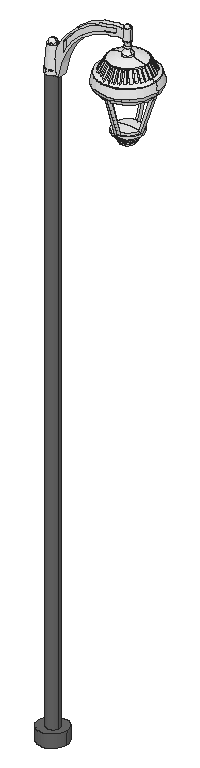
Revit family (continued)
Automatic sketch dimensions
  Revolve 8 sketch curve to plane 43 = 0.92217"
  Revolve 8 sketch curve to level = 24"
  Revolve 8 sketch curve to plane 49 "Mount to Arm" = 23.45125"
  Revolve 9 sketch curve to plane 25 = 0"
  Revolve 9 sketch curve to plane 30 = 0"
  Revolve 9 sketch curve to plane 24 = 0"
  Revolve 9 sketch curve to plane 28 "Back" = 0"
  Revolve 9 sketch curve to plane 26 = 0"
  Revolve 9 sketch curve to plane 31 = 0"
  Revolve 9 sketch curve to plane 3 "Light Source Axis (L/R)" = 0"
  Revolve 9 sketch curve to plane 43 = 0.91409"
  Revolve 9 sketch curve to level = 24"
  Revolve 9 sketch curve to plane 49 "Mount to Arm" = 23.45125"
  Revolve 10 sketch curve to plane 44 = 0"
  Revolve 10 sketch curve to plane 3 "Light Source Axis (L/R)" = 0"
  Revolve 10 sketch curve to plane 27 = 0"
  Revolve 10 sketch curve to plane 48 "Top" = 0"
  Revolve 10 sketch curve to Revolve 10 sketch curve = 0"
  Revolve 11 sketch curve to plane 11 = 0"
  Revolve 11 sketch curve to plane 15 = 0"
  Revolve 11 sketch curve to plane 8 = 0"
  Revolve 11 sketch curve to plane 46 = 0"
  Revolve 11 sketch curve to plane 3 "Light Source Axis (L/R)" = 0"  (x2)
  Revolve 11 sketch curve to plane 5 "Bottom" = 4 3/4"
  plane 26 to Revolve 11 sketch curve = 0.42333"
  Revolve 12 sketch curve to plane 40 = 0"
  Revolve 12 sketch curve to plane 43 = 0"
  Revolve 12 sketch curve to plane 41 = 0"
  Revolve 12 sketch curve to plane 44 = 0"
  Revolve 12 sketch curve to plane 3 "Light Source Axis (L/R)" = 0"
  plane 48 "Top" to Revolve 12 sketch curve = 0.48657"
  plane 26 to Revolve 12 sketch curve = 0.42333"
  Revolve 12 sketch curve to plane 5 "Bottom" = 4 3/4"
  Blend 13 sketch curve to plane 19 = 0"  (x2)
  Blend 13 sketch curve to plane 20 = 0"  (x2)
  Blend 13 sketch curve to plane 22 = 0"  (x2)
  Blend 13 sketch curve to plane 21 = 0"  (x2)
  plane 22 to Blend 13 sketch curve = 0.76738"  (x2)
  Blend 13 sketch curve to Blend 13 sketch curve = 0.05215"  (x8)
  plane 10 to Blend 13 sketch curve = 0.24703"  (x2)
  plane 10 to Blend 13 sketch curve = 0.19487"  (x2)
  plane 9 to Blend 13 sketch curve = 0.08913"  (x2)
  Blend 13 sketch curve to plane 9 = 0.01317"  (x2)
  Blend 13 sketch curve to plane 46 = 0.30878"  (x2)
  Blend 13 sketch curve to Blend 13 sketch curve = 0.1023"  (x6)
  Blend 13 sketch curve to plane 17 = 0.26882"  (x2)
  Blend 13 sketch curve to Blend 13 sketch curve = 0.14852"  (x3)
  Blend 13 sketch curve to plane 15 = 0.11243"  (x2)
  Blend 13 sketch curve to plane 15 = 0.26094"  (x2)
  Blend 13 sketch curve to plane 44 = 0.54151"  (x2)
  Blend 13 sketch curve to Blend 13 sketch curve = 0.18903"  (x7)
  Blend 13 sketch curve to plane 44 = 0.01118"  (x2)
  plane 44 to Blend 13 sketch curve = 0.17785"  (x2)
  plane 39 to Blend 13 sketch curve = 0.11243"
  plane 44 to Blend 13 sketch curve = 0.478"  (x2)
  Blend 13 sketch curve to plane 38 = 0.11243"
  Blend 13 sketch curve to plane 38 = 0.26094"  (x2)
  Blend 13 sketch curve to Blend 13 sketch curve = 0.22227"  (x6)
  plane 39 to Blend 13 sketch curve = 0.26094"  (x2)
  Blend 13 sketch curve to plane 36 = 0.26882"  (x2)
  Blend 13 sketch curve to Blend 13 sketch curve = 0.41668"  (x2)
  plane 37 to Blend 13 sketch curve = 0.26882"  (x2)
  plane 36 to Blend 13 sketch curve = 0.41122"  (x2)
  Blend 13 sketch curve to Blend 13 sketch curve = 0.36349"  (x7)
  Blend 13 sketch curve to plane 37 = 0.41122"  (x2)
  Blend 13 sketch curve to Blend 13 sketch curve = 0.24697"  (x11)
  Blend 13 sketch curve to Blend 13 sketch curve = 0.28701"  (x3)
  Blend 13 sketch curve to Blend 13 sketch curve = 0.22384"  (x7)
  Blend 13 sketch curve to Blend 13 sketch curve = 0.14632"  (x8)
  Blend 13 sketch curve to Blend 13 sketch curve = 0.07558"  (x4)
  Blend 13 sketch curve to Blend 13 sketch curve = 0.00908"  (x4)
  Blend 13 sketch curve to Blend 13 sketch curve = 0.26219"  (x8)
  Blend 13 sketch curve to Blend 13 sketch curve = 0.26732"  (x4)
  plane 21 to Blend 13 sketch curve = 0.76738"  (x2)
  Blend 13 sketch curve to plane 12 = 0.24703"  (x2)
  Blend 13 sketch curve to plane 12 = 0.19487"  (x2)
  Blend 13 sketch curve to plane 13 = 0.08913"  (x2)
  plane 13 to Blend 13 sketch curve = 0.01317"  (x2)
  plane 47 to Blend 13 sketch curve = 0.30878"  (x2)
  plane 18 to Blend 13 sketch curve = 0.26882"
  plane 18 to Blend 13 sketch curve = 0.27702"
  Blend 13 sketch curve to Blend 13 sketch curve = 0.14032"
  plane 16 to Blend 13 sketch curve = 0.11243"  (x2)
  plane 16 to Blend 13 sketch curve = 0.26094"  (x2)
  plane 45 to Blend 13 sketch curve = 0.54151"
  plane 45 to Blend 13 sketch curve = 0.53107"
  Blend 13 sketch curve to Blend 13 sketch curve = 0.17859"
  plane 45 to Blend 13 sketch curve = 0.01118"  (x2)
  Blend 13 sketch curve to plane 45 = 0.17785"  (x2)
  plane 39 to Blend 13 sketch curve = 0.11069"
  Blend 13 sketch curve to plane 45 = 0.4754"
  Blend 13 sketch curve to plane 38 = 0.12063"
  Blend 13 sketch curve to plane 45 = 0.49027"
  Blend 13 sketch curve to Blend 13 sketch curve = 0.21"
  Blend 13 sketch curve to Blend 13 sketch curve = 0.22488"
  Blend 13 sketch curve to Blend 13 sketch curve = 0.41928"
  Blend 13 sketch curve to Blend 13 sketch curve = 0.40441"
  Blend 13 sketch curve to Blend 13 sketch curve = 0.29449"
  Blend 13 sketch curve to Blend 13 sketch curve = 0.21636"
  Blend 13 sketch curve to Blend 13 sketch curve = 0.2395"
  plane 39 to Blend 13 sketch curve = 0.70849"  (x2)
  Blend 13 sketch curve to Blend 13 sketch curve = 0.48918"  (x3)
  Blend 13 sketch curve to Blend 13 sketch curve = 0.78804"  (x2)
  Blend 13 sketch curve to plane 19 = 0.76738"  (x2)
  Blend 13 sketch curve to Blend 13 sketch curve = 0.69291"  (x2)
  Blend 13 sketch curve to plane 38 = 0.70849"  (x2)
  Blend 13 sketch curve to Blend 13 sketch curve = 0.47874"
  Blend 13 sketch curve to Blend 13 sketch curve = 0.35122"
  Blend 13 sketch curve to plane 44 = 0"
  Blend 13 sketch curve to plane 45 = 0"
  Blend 13 sketch curve to plane 44 = 0.05796"  (x2)
  Blend 13 sketch curve to plane 44 = 0.16301"  (x2)
  Blend 13 sketch curve to plane 44 = 0.18542"
  Blend 13 sketch curve to plane 44 = 0.19194"
  Blend 13 sketch curve to Blend 13 sketch curve = 0.18825"  (x4)
  Blend 13 sketch curve to plane 44 = 0.33465"  (x2)
  Blend 13 sketch curve to Blend 13 sketch curve = 0.17733"  (x11)
  Blend 13 sketch curve to Blend 13 sketch curve = 0.20608"  (x2)
  Blend 13 sketch curve to plane 15 = 0.43054"  (x2)
  Blend 13 sketch curve to Blend 13 sketch curve = 0.15959"  (x4)
  Blend 13 sketch curve to plane 15 = 0.13136"  (x2)
  plane 15 to Blend 13 sketch curve = 0.02823"  (x2)
  plane 15 to Blend 13 sketch curve = 0.24374"  (x2)
  plane 37 to Blend 13 sketch curve = 0.01975"  (x2)
  Blend 13 sketch curve to Blend 13 sketch curve = 0.13572"  (x4)
  Blend 13 sketch curve to plane 36 = 0.01975"  (x2)
  Blend 13 sketch curve to plane 17 = 0.15547"  (x2)
  Blend 13 sketch curve to plane 17 = 0.01975"  (x2)
  plane 39 to Blend 13 sketch curve = 0.13136"  (x2)
  plane 17 to Blend 13 sketch curve = 0.30159"  (x2)
  Blend 13 sketch curve to plane 38 = 0.13136"  (x2)
  plane 38 to Blend 13 sketch curve = 0.02823"  (x2)
  Blend 13 sketch curve to Blend 13 sketch curve = 0.10664"  (x7)
  Blend 13 sketch curve to plane 39 = 0.02823"  (x2)
  plane 46 to Blend 13 sketch curve = 0.02935"  (x2)
  plane 46 to Blend 13 sketch curve = 0.13598"  (x2)
  plane 9 to Blend 13 sketch curve = 0.25581"  (x2)
  Blend 13 sketch curve to Blend 13 sketch curve = 0.07345"  (x10)
  plane 10 to Blend 13 sketch curve = 0.17333"  (x2)
  Blend 13 sketch curve to Blend 13 sketch curve = 0.56582"  (x4)
  Blend 13 sketch curve to Blend 13 sketch curve = 0.03745"  (x12)
  plane 22 to Blend 13 sketch curve = 0.48269"  (x2)
  Blend 13 sketch curve to plane 22 = 0.10575"  (x2)
  Blend 13 sketch curve to plane 21 = 0.10575"  (x2)
  plane 21 to Blend 13 sketch curve = 0.44524"  (x2)
  Blend 13 sketch curve to Blend 13 sketch curve = 0.52816"  (x2)
  Blend 13 sketch curve to plane 12 = 0.24678"  (x2)
  Blend 13 sketch curve to plane 12 = 0.17333"  (x2)
  plane 12 to Blend 13 sketch curve = 0.25074"  (x2)
  Blend 13 sketch curve to plane 47 = 0.13598"
  Blend 13 sketch curve to plane 47 = 0.1301"
  Blend 13 sketch curve to plane 47 = 0.02935"  (x2)
  plane 47 to Blend 13 sketch curve = 0.31177"  (x2)
  plane 18 to Blend 13 sketch curve = 0.01975"
  plane 18 to Blend 13 sketch curve = 0.02724"
  plane 18 to Blend 13 sketch curve = 0.15547"  (x2)
  Blend 13 sketch curve to plane 16 = 0.37947"  (x2)
  Blend 13 sketch curve to plane 36 = 0.15547"  (x2)
  plane 37 to Blend 13 sketch curve = 0.15547"
  Blend 13 sketch curve to plane 16 = 0.0301"
  Blend 13 sketch curve to plane 16 = 0.01942"
  plane 16 to Blend 13 sketch curve = 0.13136"  (x2)
  plane 16 to Blend 13 sketch curve = 0.27095"  (x2)
  plane 16 to Blend 13 sketch curve = 0.53194"  (x2)
  plane 45 to Blend 13 sketch curve = 0.51198"
  plane 45 to Blend 13 sketch curve = 0.50662"
  plane 45 to Blend 13 sketch curve = 0.35127"  (x2)
  Blend 13 sketch curve to Blend 13 sketch curve = 0.17196"
  plane 45 to Blend 13 sketch curve = 0.24621"  (x2)
  Blend 13 sketch curve to Blend 13 sketch curve = 0.19194"  (x3)
  Blend 13 sketch curve to Blend 13 sketch curve = 0.18542"
  plane 45 to Blend 13 sketch curve = 0.16301"  (x2)
  plane 45 to Blend 13 sketch curve = 0.05796"  (x2)
  plane 39 to Blend 13 sketch curve = 0.53194"  (x2)
  Blend 13 sketch curve to Blend 13 sketch curve = 0.16072"  (x4)
  Blend 13 sketch curve to Blend 13 sketch curve = 0.10506"  (x4)
  Blend 13 sketch curve to Blend 13 sketch curve = 0.05427"  (x2)
  Blend 13 sketch curve to Blend 13 sketch curve = 0.00652"  (x2)
  plane 37 to Blend 13 sketch curve = 0.53626"
  Blend 13 sketch curve to plane 37 = 0.30159"  (x2)
  Blend 13 sketch curve to Blend 13 sketch curve = 0.10789"
  Blend 13 sketch curve to Blend 13 sketch curve = 0.52146"  (x2)
  Blend 13 sketch curve to plane 20 = 0.10575"  (x2)
  plane 19 to Blend 13 sketch curve = 0.10575"  (x2)
  Blend 13 sketch curve to plane 19 = 0.44524"  (x2)
  Blend 13 sketch curve to Blend 13 sketch curve = 0.52982"  (x2)
  Blend 13 sketch curve to Blend 13 sketch curve = 125/256"  (x2)
  Blend 13 sketch curve to plane 38 = 0.53194"  (x2)
  Blend 14 sketch curve to plane 46 = 0.06407"
  Blend 14 sketch curve to plane 46 = 0.03319"  (x2)
  plane 46 to Blend 14 sketch curve = 0.02279"  (x2)
  plane 46 to Blend 14 sketch curve = 0.03474"
  plane 46 to Blend 14 sketch curve = 0.03821"
  plane 46 to Blend 14 sketch curve = 0.06713"  (x2)
  plane 46 to Blend 14 sketch curve = 0.11426"  (x2)
  Blend 14 sketch curve to Blend 14 sketch curve = 0.10032"  (x2)
  Blend 14 sketch curve to plane 9 = 0.08625"  (x2)
  Blend 14 sketch curve to plane 9 = 0.07093"  (x2)
  plane 9 to Blend 14 sketch curve = 0.02357"  (x2)
  plane 9 to Blend 14 sketch curve = 0.0776"  (x2)
  Blend 14 sketch curve to Blend 14 sketch curve = 0.08504"  (x8)
  plane 9 to Blend 14 sketch curve = 0.23703"  (x2)
  Blend 14 sketch curve to plane 10 = 0.14308"  (x2)
  Blend 14 sketch curve to plane 10 = 0.07076"  (x2)
  plane 10 to Blend 14 sketch curve = 0.05983"  (x2)
  Blend 14 sketch curve to Blend 14 sketch curve = 0.07232"  (x8)
  plane 10 to Blend 14 sketch curve = 0.30339"  (x2)
  Blend 14 sketch curve to Blend 14 sketch curve = 0.05682"  (x10)
  Blend 14 sketch curve to Blend 14 sketch curve = 0.2386"  (x3)
  Blend 14 sketch curve to Blend 14 sketch curve = 0.27788"  (x4)
  Blend 14 sketch curve to Blend 14 sketch curve = 0.03914"  (x12)
  Blend 14 sketch curve to Blend 14 sketch curve = 0.26512"  (x4)
  Blend 14 sketch curve to Blend 14 sketch curve = 0.30152"  (x4)
  Blend 14 sketch curve to Blend 14 sketch curve = 0.01995"  (x8)
  plane 22 to Blend 14 sketch curve = 21/256"  (x2)
  plane 22 to Blend 14 sketch curve = 0.06209"  (x2)
  Blend 14 sketch curve to plane 3 "Light Source Axis (L/R)" = 0.14348"  (x2)
  plane 3 "Light Source Axis (L/R)" to Blend 14 sketch curve = 0.14348"  (x2)
  plane 21 to Blend 14 sketch curve = 0.06209"  (x2)
  plane 21 to Blend 14 sketch curve = 21/256"  (x2)
  Blend 14 sketch curve to Blend 14 sketch curve = 0.28145"  (x2)
  Blend 14 sketch curve to Blend 14 sketch curve = 0.28233"  (x4)
  Blend 14 sketch curve to Blend 14 sketch curve = 0.2602"  (x3)
  Blend 14 sketch curve to Blend 14 sketch curve = 0.26333"
  Blend 14 sketch curve to Blend 14 sketch curve = 0.05369"
  Blend 14 sketch curve to Blend 14 sketch curve = 0.23546"
  Blend 14 sketch curve to plane 12 = 0.13215"
  Blend 14 sketch curve to plane 12 = 0.12816"
  Blend 14 sketch curve to plane 12 = 0.05983"  (x2)
  plane 12 to Blend 14 sketch curve = 0.07076"  (x2)
  plane 12 to Blend 14 sketch curve = 0.25693"
  plane 12 to Blend 14 sketch curve = 0.26262"
  Blend 14 sketch curve to Blend 14 sketch curve = 0.08035"
  Blend 14 sketch curve to Blend 14 sketch curve = 0.08604"
  Blend 14 sketch curve to plane 13 = 0.16265"  (x2)
  Blend 14 sketch curve to plane 13 = 0.0776"  (x2)
  Blend 14 sketch curve to plane 13 = 0.02357"  (x2)
  plane 13 to Blend 14 sketch curve = 0.07093"  (x2)
  plane 13 to Blend 14 sketch curve = 0.08625"
  plane 13 to Blend 14 sketch curve = 0.08911"
  Blend 14 sketch curve to plane 47 = 0.12311"  (x2)
  Blend 14 sketch curve to Blend 14 sketch curve = 0.0945"  (x5)
  Blend 14 sketch curve to Blend 14 sketch curve = 0.09164"
  Blend 14 sketch curve to plane 47 = 0.06713"  (x2)
  Blend 14 sketch curve to plane 47 = 0.03821"
  Blend 14 sketch curve to plane 47 = 0.03474"
  Blend 14 sketch curve to plane 47 = 0.02279"  (x2)
  plane 47 to Blend 14 sketch curve = 0.03319"  (x2)
  plane 47 to Blend 14 sketch curve = 0.06407"
  Blend 14 sketch curve to plane 37 = 0.65593"
  Blend 14 sketch curve to Blend 14 sketch curve = 0.03088"  (x2)
  Blend 14 sketch curve to Blend 14 sketch curve = 0.05598"  (x4)
  Blend 14 sketch curve to Blend 14 sketch curve = 0.09881"
  Blend 14 sketch curve to Blend 14 sketch curve = 0.10228"  (x8)
  Blend 14 sketch curve to Blend 14 sketch curve = 0.09146"  (x2)
  Blend 14 sketch curve to Blend 14 sketch curve = 0.14853"  (x2)
  Blend 14 sketch curve to Blend 14 sketch curve = 0.19989"  (x2)
  Blend 14 sketch curve to Blend 14 sketch curve = 0.24356"  (x2)
  Blend 14 sketch curve to Blend 14 sketch curve = 0.05749"
  plane 1 "Light Source Axis (F/B)" to Blend 14 sketch curve = 0.14348"  (x2)
  Blend 14 sketch curve to plane 1 "Light Source Axis (F/B)" = 0.14348"  (x2)
  Blend 14 sketch curve to plane 19 = 0.06209"  (x2)
  Blend 14 sketch curve to Blend 14 sketch curve = 0.22806"
  Blend 14 sketch curve to Blend 14 sketch curve = 0.22493"
  Blend 14 sketch curve to Blend 14 sketch curve = 0.18317"
  Blend 14 sketch curve to Blend 14 sketch curve = 0.18717"
  Blend 14 sketch curve to Blend 14 sketch curve = 0.13438"
  Blend 14 sketch curve to Blend 14 sketch curve = 0.13908"
  Blend 14 sketch curve to Blend 14 sketch curve = 0.08564"  (x2)
  Blend 14 sketch curve to Blend 14 sketch curve = 0.02892"
  Blend 14 sketch curve to Blend 14 sketch curve = 0.00347"
  plane 15 to Blend 14 sketch curve = 0.16675"
  plane 15 to Blend 14 sketch curve = 0.21042"  (x2)
  plane 15 to Blend 14 sketch curve = 0.2896"  (x2)
  Blend 14 sketch curve to Blend 14 sketch curve = 0.13974"  (x2)
  Blend 14 sketch curve to Blend 14 sketch curve = 0.14465"  (x4)
  Blend 14 sketch curve to Blend 14 sketch curve = 0.14187"  (x8)
  Blend 14 sketch curve to plane 17 = 0.36105"  (x2)
  Blend 14 sketch curve to Blend 14 sketch curve = 0.13364"  (x5)
  Blend 14 sketch curve to plane 17 = 0.20575"  (x2)
  Blend 14 sketch curve to plane 17 = 0.07211"  (x2)
  plane 17 to Blend 14 sketch curve = 0.0043"  (x2)
  plane 17 to Blend 14 sketch curve = 0.12457"  (x2)
  plane 17 to Blend 14 sketch curve = 0.22976"  (x2)
  Blend 14 sketch curve to Blend 14 sketch curve = 0.12027"  (x2)
  Blend 14 sketch curve to plane 46 = 0.20755"  (x2)
  Blend 14 sketch curve to plane 46 = 0.10527"  (x2)
  plane 46 to Blend 14 sketch curve = 0.07941"  (x2)
  Blend 14 sketch curve to plane 9 = 0.11331"  (x2)
  plane 9 to Blend 14 sketch curve = 0.12886"  (x2)
  Blend 14 sketch curve to Blend 14 sketch curve = 0.08036"  (x5)
  Blend 14 sketch curve to plane 37 = 0.0043"  (x2)
  Blend 14 sketch curve to plane 10 = 0.11371"  (x2)
  plane 36 to Blend 14 sketch curve = 0.0043"  (x2)
  Blend 14 sketch curve to plane 10 = 0.03335"  (x2)
  plane 10 to Blend 14 sketch curve = 0.27927"  (x2)
  Blend 14 sketch curve to plane 36 = 0.07211"  (x2)
  Blend 14 sketch curve to Blend 14 sketch curve = 0.05535"  (x8)
  plane 37 to Blend 14 sketch curve = 0.07211"  (x2)
  plane 37 to Blend 14 sketch curve = 0.36105"  (x2)
  Blend 14 sketch curve to Blend 14 sketch curve = 0.37493"  (x2)
  Blend 14 sketch curve to plane 36 = 0.36105"  (x2)
  plane 37 to Blend 14 sketch curve = 0.22742"  (x2)
  Blend 14 sketch curve to plane 36 = 0.22742"  (x2)
  Blend 14 sketch curve to plane 39 = 0.2896"  (x2)
  Blend 14 sketch curve to Blend 14 sketch curve = 0.42641"  (x4)
  plane 38 to Blend 14 sketch curve = 0.2896"  (x2)
  plane 37 to Blend 14 sketch curve = 0.34854"
  Blend 14 sketch curve to Blend 14 sketch curve = 0.02822"  (x12)
  Blend 14 sketch curve to plane 36 = 0.34854"
  plane 38 to Blend 14 sketch curve = 0.21042"  (x2)
  Blend 14 sketch curve to plane 39 = 0.21042"  (x2)
  Blend 14 sketch curve to plane 22 = 0.17209"  (x2)
  Blend 14 sketch curve to plane 21 = 0.17209"  (x2)
  plane 21 to Blend 14 sketch curve = 0.24314"  (x2)
  Blend 14 sketch curve to Blend 14 sketch curve = 0.39803"  (x2)
  Blend 14 sketch curve to Blend 14 sketch curve = 0.39927"  (x4)
  Blend 14 sketch curve to plane 12 = 0.33462"  (x2)
  plane 12 to Blend 14 sketch curve = 0.03335"
  plane 12 to Blend 14 sketch curve = 0.03779"
  plane 12 to Blend 14 sketch curve = 0.11371"  (x2)
  Blend 14 sketch curve to plane 13 = 0.20922"  (x2)
  Blend 14 sketch curve to plane 13 = 0.12886"  (x2)
  plane 13 to Blend 14 sketch curve = 0.11331"
  plane 13 to Blend 14 sketch curve = 0.11896"
  Blend 14 sketch curve to plane 47 = 0.07941"  (x2)
  plane 47 to Blend 14 sketch curve = 0.10527"  (x2)
  Blend 14 sketch curve to plane 18 = 0.35144"
  Blend 14 sketch curve to plane 18 = 0.34339"
  Blend 14 sketch curve to Blend 14 sketch curve = 0.11363"
  Blend 14 sketch curve to Blend 14 sketch curve = 0.12168"
  Blend 14 sketch curve to plane 18 = 0.12457"  (x2)
  Blend 14 sketch curve to plane 18 = 0.0043"  (x2)
  plane 18 to Blend 14 sketch curve = 0.07211"  (x2)
  plane 18 to Blend 14 sketch curve = 0.22742"
  plane 18 to Blend 14 sketch curve = 0.23146"
  plane 18 to Blend 14 sketch curve = 0.34854"  (x2)
  Blend 14 sketch curve to Blend 14 sketch curve = 0.12959"
  Blend 14 sketch curve to plane 16 = 0.35229"  (x2)
  Blend 14 sketch curve to plane 16 = 0.3114"
  Blend 14 sketch curve to plane 16 = 0.30648"
  Blend 14 sketch curve to plane 39 = 0.16675"
  Blend 14 sketch curve to plane 37 = 0.12457"  (x2)
  Blend 14 sketch curve to Blend 14 sketch curve = 0.28268"  (x2)
  Blend 14 sketch curve to Blend 14 sketch curve = 0.34445"  (x2)
  Blend 14 sketch curve to Blend 14 sketch curve = 0.0813"
  Blend 14 sketch curve to Blend 14 sketch curve = 0.39298"  (x2)
  Blend 14 sketch curve to plane 20 = 0.17209"  (x2)
  plane 19 to Blend 14 sketch curve = 0.17209"  (x2)
  Blend 14 sketch curve to plane 19 = 0.24314"  (x2)
  Blend 14 sketch curve to Blend 14 sketch curve = 0.36797"  (x2)
  Blend 14 sketch curve to Blend 14 sketch curve = 0.32253"
  Blend 14 sketch curve to Blend 14 sketch curve = 0.31809"
  plane 36 to Blend 14 sketch curve = 0.35003"  (x2)
  plane 38 to Blend 14 sketch curve = 0.3114"
  plane 38 to Blend 14 sketch curve = 0.30648"
  Revolve 15 sketch curve to plane 3 "Light Source Axis (L/R)" = 0"
  Revolve 15 sketch curve to plane 33 = 0"
  Revolve 15 sketch curve to plane 5 "Bottom" = 0"
  plane 16 to Revolve 15 sketch curve = 0.47141"
  plane 42 to Revolve 15 sketch curve = 0.15993"
  Revolve 15 sketch curve to Revolve 15 sketch curve = 0.54203"
  Revolve 16 sketch curve to plane 3 "Light Source Axis (L/R)" = 0"
  Revolve 16 sketch curve to plane 12 = 0"
  Revolve 16 sketch curve to plane 16 = 0"
  Revolve 16 sketch curve to plane 5 "Bottom" = 0"
  Revolve 16 sketch curve to plane 6 = 0"
  Revolve 17 sketch curve to plane 24 = 0"  (x2)
  Revolve 17 sketch curve to plane 3 "Light Source Axis (L/R)" = 0"
  plane 18 to Revolve 17 sketch curve = 0.16088"
  Revolve 17 sketch curve to Revolve 17 sketch curve = 3/4"
  Revolve 17 sketch curve to plane 13 = 0.19767"
  Revolve 17 sketch curve to Revolve 17 sketch curve = 0"
  Revolve 18 sketch curve to plane 3 "Light Source Axis (L/R)" = 0"
  plane 12 to Revolve 18 sketch curve = 0.07823"
  Revolve 18 sketch curve to Revolve 18 sketch curve = 0.05864"
  Revolve 18 sketch curve to plane 13 = 0.12765"
  Revolve 18 sketch curve to plane 13 = 0.06901"
  Revolve 18 sketch curve to plane 16 = 0.16155"
  Revolve 18 sketch curve to plane 16 = 0.0891"
  Revolve 18 sketch curve to plane 25 = 0.12137"
  plane 16 to Revolve 18 sketch curve = 0.30795"
  Revolve 18 sketch curve to Revolve 18 sketch curve = 0.07244"
  plane 45 to Revolve 18 sketch curve = 3/8"
  Revolve 18 sketch curve to Revolve 18 sketch curve = 13/128"  (x4)
  Revolve 18 sketch curve to plane 23 = 0.00755"
  plane 42 to Revolve 18 sketch curve = 1.43606"
  Revolve 18 sketch curve to plane 23 = 0.1001"
  Revolve 18 sketch curve to Revolve 18 sketch curve = 0.03187"
  Revolve 18 sketch curve to plane 23 = 0.17048"
  Revolve 18 sketch curve to plane 23 = 0.48229"
  Revolve 18 sketch curve to Revolve 18 sketch curve = 0.07548"
  plane 26 to Revolve 18 sketch curve = 0.93845"
  plane 26 to Revolve 18 sketch curve = 0.29046"
  Revolve 18 sketch curve to plane 40 = 0.56148"
  Revolve 19 sketch curve to plane 3 "Light Source Axis (L/R)" = 0"
  Revolve 19 sketch curve to plane 24 = 0"  (x2)
  plane 18 to Revolve 19 sketch curve = 0.16088"
  plane 45 to Revolve 19 sketch curve = 0.36912"
  Revolve 19 sketch curve to Revolve 19 sketch curve = 0"
  plane 25 to Revolve 19 sketch curve = 1/4"
  Revolve 20 sketch curve to plane 4 "Light Source Elevation" = 0"
  Revolve 20 sketch curve to plane 22 = 0.099"
  plane 22 to Revolve 20 sketch curve = 0.15862"
  Revolve 20 sketch curve to plane 45 = 1.31134"
  Revolve 20 sketch curve to Revolve 20 sketch curve = 1/4"
  Revolve 20 sketch curve to Revolve 20 sketch curve = 0.26768"
  Revolve 20 sketch curve to Revolve 20 sketch curve = 0.13581"
  Revolve 20 sketch curve to plane 23 = 0.48229"
  Revolve 21 sketch curve to Revolve 21 sketch curve = 0"  (x3)
  Revolve 21 sketch curve to plane 3 "Light Source Axis (L/R)" = 0"
  Revolve 21 sketch curve to plane 23 = 0"
  Revolve 21 sketch curve to plane 26 = 0"
  Revolve 21 sketch curve to plane 24 = 0.04188"
  plane 10 to Revolve 21 sketch curve = 0.32933"
  plane 21 to Revolve 21 sketch curve = 0.27964"
  plane 21 to Revolve 21 sketch curve = 3/8"
  Revolve 21 sketch curve to plane 24 = 0.36844"
  Revolve 21 sketch curve to plane 12 = 0.77808"
  Revolve 22 sketch curve to Revolve 22 sketch curve = 0"  (x4)
  Revolve 22 sketch curve to plane 24 = 0"
  Revolve 22 sketch curve to plane 3 "Light Source Axis (L/R)" = 0"
  Revolve 22 sketch curve to plane 22 = 0.06288"
  Revolve 22 sketch curve to plane 25 = 0.79567"
  plane 24 to Revolve 22 sketch curve = 0.65464"
  Revolve 22 sketch curve to plane 13 = 0.19767"
  Revolve 22 sketch curve to Revolve 22 sketch curve = 3/4"
  plane 3 "Light Source Axis (L/R)" to Revolve 22 sketch curve = 0.01444"
  Revolve 22 sketch curve to plane 23 = 0.31435"
  Revolve 23 sketch curve to plane 3 "Light Source Axis (L/R)" = 0"  (x2)
  Revolve 23 sketch curve to plane 26 = 0"
  plane 21 to Revolve 23 sketch curve = 3/8"
  Revolve 23 sketch curve to Revolve 23 sketch curve = 0"
  Revolve 24 sketch curve to plane 3 "Light Source Axis (L/R)" = 0"
  Revolve 24 sketch curve to plane 23 = 0"
  Revolve 24 sketch curve to plane 23 = 0.1001"
  plane 42 to Revolve 24 sketch curve = 1.43866"
  Revolve 24 sketch curve to Revolve 24 sketch curve = 0"
  Revolve 25 sketch curve to plane 3 "Light Source Axis (L/R)" = 0"
  Revolve 25 sketch curve to plane 48 "Top" = 0"
  Revolve 25 sketch curve to plane 49 "Mount to Arm" = 0"
  plane 21 to Revolve 25 sketch curve = 0.31144"
  plane 3 "Light Source Axis (L/R)" to Revolve 25 sketch curve = 1 1/8"
  plane 48 "Top" to Revolve 25 sketch curve = 1/4"
  Revolve 25 sketch curve to plane 12 = 0.54242"
  plane 47 to Revolve 25 sketch curve = 0.06147"
  Revolve 25 sketch curve to plane 18 = 0.1717"
  Revolve 25 sketch curve to plane 48 "Top" = 1.81554"
  Revolve 25 sketch curve to Revolve 25 sketch curve = 1/4"
  Revolve 25 sketch curve to Revolve 25 sketch curve = 0.27449"
  Revolve 26 sketch curve to plane 3 "Light Source Axis (L/R)" = 0"
  Revolve 26 sketch curve to plane 49 "Mount to Arm" = 0"
  plane 21 to Revolve 26 sketch curve = 0.23236"
  plane 21 to Revolve 26 sketch curve = 3/4"
  Revolve 26 sketch curve to plane 12 = 0.54242"
  Revolve 26 sketch curve to Revolve 26 sketch curve = 0"
  plane 49 "Mount to Arm" to Revolve 26 sketch curve = 1.93185"
  curve 153 to plane 25 = 0"
  curve 118 to plane 24 = 0"
  curve 116 to plane 26 = 0"
  curve 156 to plane 40 = 0"
  curve 131 to plane 23 = 0"
  curve 149 to plane 48 "Top" = 0"
  curve 121 to plane 11 = 0"
  curve 121 to plane 39 = 0"
  curve 132 to plane 14 = 0"
  curve 132 to plane 37 = 0"
  curve 120 to plane 6 = 0"
  curve 122 to plane 8 = 0"
  curve 124 to plane 7 = 0"
  curve 154 to plane 5 "Bottom" = 0"
  curve 106 to plane 20 = 0"
  curve 128 to plane 1 "Light Source Axis (F/B)" = 0"
  curve 105 to plane 19 = 0"
  curve 132 to plane 36 = 0"
  curve 128 to plane 48 "Top" = 0"
  plane 39 to curve 157 = 0.47141"
  plane 39 to curve 129 = 1 1/4"
  plane 37 to curve 131 = 3.59134"
  curve 127 to curve 120 = 0.92217"
  curve 119 to curve 120 = 0.97627"
  curve 117 to curve 115 = 0.10067"
  curve 102 to curve 119 = 0.33193"
  curve 117 to curve 102 = 0.36397"
  plane 48 "Top" to curve 127 = 0.3913"
  curve 145 to plane 37 = 0.22778"
  curve 145 to curve 143 = 0.07551"
  curve 122 to plane 37 = 0.65593"
  curve 109 to curve 123 = 0.35701"
  curve 123 to curve 124 = 0.43734"
  curve 124 to curve 154 = 0.14261"
  plane 48 "Top" to curve 146 = 1/4"
  plane 20 to curve 146 = 1.20758"
  plane 49 "Mount to Arm" to curve 143 = 1/4"
  plane 20 to curve 143 = 3/4"
  plane 20 to curve 96 = 0.72802"
  plane 20 to curve 162 = 0.31144"
  curve 162 to plane 19 = 0.31144"
  curve 128 to plane 19 = 0.72802"
  curve 94 to plane 1 "Light Source Axis (F/B)" = 1 1/8"
  curve 141 to plane 1 "Light Source Axis (F/B)" = 1.58258"
  plane 36 to curve 113 = 1.5929"
  curve 112 to curve 111 = 0.14261"
  curve 111 to plane 7 = 0.2525"
  curve 111 to curve 111 = 0.43734"
  curve 110 to curve 108 = 0.35701"
  plane 36 to curve 95 = 0.30328"
  curve 95 to curve 139 = 0.07551"
  curve 104 to curve 132 = 0.19627"
  curve 150 to plane 38 = 0.47141"
  curve 149 to curve 129 = 0.77859"
  curve 155 to curve 103 = 0.0541"
  curve 98 to curve 99 = 0.10067"
  curve 103 to curve 102 = 0.33193"
  curve 101 to curve 150 = 0.36397"
  plane 48 "Top" to curve 97 = 0.3913"
  curve 162 to plane 48 "Top" = 1.81554"
  curve 145 to curve 144 = 1/4"
  Revolve 2 sketch curve to plane 15 = 0"
  Revolve 2 sketch curve to plane 3 "Light Source Axis (L/R)" = 0"
  Revolve 2 sketch curve to plane 5 "Bottom" = 1.455"
  Revolve 2 sketch curve to plane 14 = 2.225"
  plane 26 to Revolve 23 sketch curve = 0.56201"
  radius of curve 2 = 5 3/4"
  radius of curve 5 = 8 3/4"
Nested families (in)
  nested 1: "Notation" at (0, 9.86245, 0), visible <- "Note Visible", type "Notation"
  nested 2: "Lighting_Fixture-Kim_Lighting-Arm-HAO3S" at (-23.83524, 0, 190.61297), visible <- "Arm Visible", type "Lighting_Fixture-Kim_Lighting-Arm-HAO3S"
  nested 3: "Lighting_Fixture-Kim_Lighting-Post" at (-23.83524, 0, 0), type "Lighting_Fixture-Kim_Lighting-Post"
Connectors (in)
  electrical at (0, 0, 202.75), driven by "Power Factor", driven by "Apparent Load", driven by "Voltage", driven by "Number of Poles", driven by "Wattage Comments"
    settings: on Revolve 10, index 1
Definition of nested family "Lighting_Fixture-Kim_Lighting-Arm-HAO3S"
  Parameters
    URL = "www.kimlighting.com/"
    Type Comments = "ARM"  # constant formula
    Revision Date = "12/23/2009"  # constant formula
    Model = "HA03"  # constant formula
    Manufacturer = "Kim Lighting"  # constant formula
    Description = "Post Top Swept Cast Arm"  # constant formula
    Assembly Code = "D5020200"
    Arm Material = Metal-Kim Lighting-Aluminum Alloy
  Reference planes (in)
    plane 1 "Center (Front/Back)": y = 0
    plane 2 "Bottom": z = 0
    plane 3 "Center (Left/Right)": x = 0
    plane 4: x = 23.83524
    plane 5 "Top": z = 17.38703
    plane 6: z = 20.662
    plane 7: z = 7.93802
    plane 8: x = 4.43738
    plane 9: x = 21.07541
    plane 10: y = 2
    plane 11: y = -2
    plane 12: y = 0.5
    plane 13: y = -0.5
  Forms (in)
    Blend 1, solid, material "Metal-Kim Lighting-Aluminum Alloy" <- "Arm Material"
      base sketch origin (0, 0, 0) x (1, 0, 0) y (0, 1, 0)
        loop
          circle (0, 0) r 2.25
      top sketch origin (0, 0, 0) x (1, 0, 0) y (0, 1, 0)
        loop
          circle (0, 0) r 1.5
      from 0 to 7.93802
    Revolve 2, solid, material "Metal-Kim Lighting-Aluminum Alloy" <- "Arm Material", detail levels medium+fine
      sketch origin (0, 0, 0) x (1, 0, 0) y (0, 0, 1)
        loop
          line (-1.0856, 8.42842) -> (-1.11141, 7.93802) -> (0, 7.93802) -> (0, 9.43807)
          arc (0, 9.43807) -> (-0.74708, 9.1529) -> (-1.0856, 8.42842) r 1.06588
        axis (0, 9.43807) -> (0, 7.93802)
      angle from 0 to 360
    Blend 3, solid, material "Metal-Kim Lighting-Aluminum Alloy" <- "Arm Material"
      base sketch origin (0, 0, 0) x (1, 0, 0) y (0, 1, 0)
        loop
          circle (23.83524, 0) r 1.125
      top sketch origin (0, 0, 0) x (1, 0, 0) y (0, 1, 0)
        loop
          circle (23.83524, 0) r 1
      from 17.38703 to 20.662
    Revolve 4, solid, material "Metal-Kim Lighting-Aluminum Alloy" <- "Arm Material", detail levels medium+fine
      sketch origin (0, 0, 0) x (1, 0, 0) y (0, 0, 1)
        loop
          line (23.11812, 20.662) -> (23.83524, 20.662) -> (23.83524, 21.56873)
          arc (23.83524, 21.56873) -> (23.3503, 21.37459) -> (23.13113, 20.90044) r 0.70678
          line (23.13113, 20.90044) -> (23.11812, 20.662)
        axis (23.83524, 21.56873) -> (23.83524, 20.662)
      angle from 0 to 360
    SweptBlend 5, solid, material "Metal-Kim Lighting-Aluminum Alloy" <- "Arm Material"
      path origin (0, 0, 0) x (1, 0, 0) y (0, 0, 1)
        loop
          arc (3.16534, 0) -> (9.21941, 14.61583) -> (23.83524, 20.6699) r 20.6699
      profile origin (3.16534, 0, 0) x (-1, 0, 0) y (0, -1, 0)
        loop
          line (0, -1.375) -> (3.10284, -1.10354) -> (3.10284, 1.10354) -> (0, 1.375) -> (0, -1.375)
      end profile origin (23.83524, 0, 20.6699) x (0, 0, 1) y (0, -1, 0)
        loop
          line (-0.35891, -0.78777) -> (-0.35891, 0.78777) -> (-3.06413, 0.92954) -> (-3.06413, -0.92954) -> (-0.35891, -0.78777)
    Extrusion 6, void, detail levels fine
      sketch origin (0, 0, 0) x (1, 0, 0) y (0, 0, 1)
        loop
          line (4.43738, 10.44855) -> (4.43738, 7.68802)
          arc (4.43738, 7.68802) -> (4.61536, 7.57292) -> (4.79923, 7.67833) r 0.20365
          arc (4.79923, 7.67833) -> (11.32626, 14.94972) -> (20.57588, 18.09924) r 19.32746
          arc (20.57588, 18.09924) -> (20.93334, 18.29688) -> (21.07541, 18.67985) r 0.58718
          line (21.07541, 18.67985) -> (21.07541, 19.50304)
          arc (21.07541, 19.50304) -> (20.93049, 19.85292) -> (20.58062, 19.99784) r 0.4948
          arc (20.58062, 19.99784) -> (11.58772, 17.15918) -> (4.56487, 10.86557) r 22.36018
          arc (4.56487, 10.86557) -> (4.47787, 10.66417) -> (4.43738, 10.44855) r 0.98956
      from 0.25 to 2
    Extrusion 7, void, detail levels fine
      sketch origin (0, 0, 0) x (1, 0, 0) y (0, 0, -1)
        loop
          arc (4.43738, -10.44855) -> (4.47787, -10.66417) -> (4.56487, -10.86557) r 0.98956
          arc (4.56487, -10.86557) -> (11.58772, -17.15918) -> (20.58062, -19.99784) r 22.36018
          arc (20.58062, -19.99784) -> (20.93049, -19.85292) -> (21.07541, -19.50304) r 0.4948
          line (21.07541, -19.50304) -> (21.07541, -18.67985)
          arc (21.07541, -18.67985) -> (20.93334, -18.29688) -> (20.57588, -18.09924) r 0.58718
          arc (20.57588, -18.09924) -> (11.32626, -14.94972) -> (4.79923, -7.67833) r 19.32746
          arc (4.79923, -7.67833) -> (4.61536, -7.57292) -> (4.43738, -7.68802) r 0.20365
          line (4.43738, -7.68802) -> (4.43738, -10.44855)
      from 0.25 to 2
  Cuts and joins
    Extrusion 6, Extrusion 7 cuts Blend 1
    Extrusion 6, Extrusion 7 cuts Blend 3
    Extrusion 6, Extrusion 7 cuts SweptBlend 5
    joined: Blend 1, Blend 3, SweptBlend 5
  Lines and regions (in)
    symbolic lines, detail levels coarse
      curve 1: line (0, 0, 0) -> (23.83524, 0, 0)
      curve 20: line (23.83952, 0, 17.38703) -> (23.83952, 0, 20.38703)
      curve 21: arc (23.83952, 0, 20.38703) -> (7.75808, 0, 15.10984) -> (0.13218, 0, 0) r 22.08935
      curve 93: line (0, 0, 17.38703) -> (0, 0, 20.662)
      curve 94: line (0, 1.125, 17.38703) -> (0, -1.125, 17.38703)
    symbolic lines, detail levels medium+fine
      curve 2: circle (0, 0, 0) r 2.25 normal (0, 0, 1)
      curve 3: circle (23.83524, 0, 0) r 1.125 normal (0, 0, 1)
      curve 4: line (1.98985, 1.05023, 0) -> (23.03945, 0.7952, 0)
      curve 5: line (1.98985, -1.05023, 0) -> (23.03945, -0.7952, 0)
      curve 8: line (24.83524, 0, 20.662) -> (24.96881, 0, 17.38703)
      curve 9: line (22.71024, 0, 17.38703) -> (22.83524, 0, 20.662)
      curve 10: line (22.83524, 0, 20.662) -> (24.83524, 0, 20.662)
      curve 13: arc (22.82505, 0, 20.39501) -> (10.0755, 0, 16.84493) -> (1.66791, 0, 6.62403) r 22.0059
      curve 14: arc (22.72193, 0, 17.69331) -> (9.46079, 0, 12.69628) -> (3.16534, 0, 0) r 19.34271
      curve 15: line (1.5, 0, 7.93802) -> (2.51435, 0, 0)
      curve 16: line (1.5, 0, 7.93802) -> (-1.5, 0, 7.93802)
      curve 17: line (-1.5, 0, 7.93802) -> (-2.25, 0, 0)
      curve 18: line (-2.25, 0, 0) -> (2.51435, 0, 0)
      curve 19: line (3.16534, 0, 0) -> (2.51435, 0, 0)
      curve 95: line (0, 1, 20.662) -> (0, 1.125, 17.38703)
      curve 96: line (0, 1, 20.662) -> (0, -1, 20.662)
      curve 97: line (0, -1, 20.662) -> (0, -1.125, 17.38703)
    symbolic lines, detail levels fine
      curve 6: circle (0, 0, 0) r 1.11141 normal (0, 0, 1)
      curve 7: circle (23.83524, 0, 0) r 0.71712 normal (0, 0, 1)
      curve 12: arc (24.55236, 0, 20.662) -> (23.83524, 0, 21.54963) -> (23.11812, 0, 20.662) r 0.7335
      curve 22: arc (1.11141, 0, 7.93802) -> (0, 0, 9.36573) -> (-1.11141, 0, 7.93802) r 1.14644
      curve 98: arc (0, 0.75, 20.662) -> (0, 0, 21.58102) -> (0, -0.75, 20.662) r 0.76554
    symbolic lines
      curve 11: line (24.96881, 0, 17.38703) -> (22.71024, 0, 17.38703)
    symbolic lines, not visible, detail levels coarse
      curve 23: line (4.97141, 0, 50) -> (9.5, 0, 42.15625)
      curve 24: line (9.5, 0, 42.15625) -> (4.5, 0, 28.65625)
      curve 25: line (-4.5, 0, 28.65625) -> (-9.5, 0, 42.15625)
      curve 26: line (-9.5, 0, 42.15625) -> (-4.97141, 0, 50)
      curve 27: line (-4.97141, 0, 50) -> (4.97141, 0, 50)
      curve 28: line (-9.5, 0, 42.15625) -> (4.5, 0, 28.65625)
      curve 29: line (9.5, 0, 42.15625) -> (-4.5, 0, 28.65625)
      curve 69: line (4.5, 0, 28.65625) -> (2.125, 0, 24.90625)
      curve 70: line (-4.5, 0, 28.65625) -> (-2.125, 0, 24.90625)
      curve 92: line (0, 0, 54) -> (0, 0, 50.00056)
    symbolic lines, not visible
      curve 30: line (2.125, 0, 24.90625) -> (-2.125, 0, 24.90625)
      curve 76: line (1.125, 0, 54) -> (-1.125, 0, 54)
    symbolic lines, not visible, detail levels medium+fine
      curve 31: line (2.125, 0, 24.90625) -> (2.125, 0, 25.54125)
      curve 32: line (2.125, 0, 25.54125) -> (2.705, 0, 25.79375)
      curve 33: line (2.705, 0, 25.79375) -> (2.705, 0, 26.41875)
      curve 34: line (3.06407, 0, 26.41875) -> (4.5, 0, 27.97125)
      curve 35: line (4.5, 0, 27.97125) -> (4.5, 0, 28.65625)
      curve 36: line (4.5, 0, 28.65625) -> (8.8041, 0, 41.15625)
      curve 37: line (8.8041, 0, 41.15625) -> (9.13603, 0, 41.15625)
      curve 38: line (9.13603, 0, 41.15625) -> (9.5, 0, 42.15625)
      curve 39: line (9.5, 0, 42.15625) -> (8.85067, 0, 44.57958)
      curve 40: line (8.85067, 0, 44.57958) -> (8.75, 0, 44.57958)
      curve 41: line (8.75, 0, 44.57958) -> (8.75, 0, 44.82965)
      curve 43: line (-2.125, 0, 24.90625) -> (-2.125, 0, 25.54125)
      curve 44: line (-2.125, 0, 25.54125) -> (-2.705, 0, 25.79375)
      curve 45: line (-2.705, 0, 25.79375) -> (-2.705, 0, 26.41875)
      curve 46: line (-3.06407, 0, 26.41875) -> (-4.5, 0, 27.97125)
      curve 47: line (-4.5, 0, 27.97125) -> (-4.5, 0, 28.65625)
      curve 48: line (-4.5, 0, 28.65625) -> (-8.8041, 0, 41.15625)
      curve 49: line (-8.8041, 0, 41.15625) -> (-9.13603, 0, 41.15625)
      curve 50: line (-9.13603, 0, 41.15625) -> (-9.5, 0, 42.15625)
      curve 51: line (-9.5, 0, 42.15625) -> (-8.85067, 0, 44.57958)
      curve 52: line (-8.85067, 0, 44.57958) -> (-8.75, 0, 44.57958)
      curve 53: line (-8.75, 0, 44.57958) -> (-8.75, 0, 44.82965)
      curve 56: line (7.31134, 0, 39.65625) -> (-7.31134, 0, 39.65625)
      curve 57: line (0.375, 0, 39.65625) -> (0.375, 0, 28.65625)
      curve 58: line (-0.375, 0, 28.65625) -> (-0.375, 0, 39.65625)
      curve 59: line (-7.82783, 0, 41.15625) -> (-3.52373, 0, 28.65625)
      curve 60: line (7.82783, 0, 41.15625) -> (3.52373, 0, 28.65625)
      curve 61: line (9.13603, 0, 41.15625) -> (-9.13603, 0, 41.15625)
      curve 62: line (4.5, 0, 28.65625) -> (-4.5, 0, 28.65625)
      curve 65: line (3.06407, 0, 26.41875) -> (-3.06407, 0, 26.41875)
      curve 68: line (8.75, 0, 44.82965) -> (-8.75, 0, 44.82965)
      curve 72: line (5.76434, 0, 48.6266) -> (-5.76434, 0, 48.6266)
      curve 73: arc (5.6931, 0, 48.75) -> (0, 0, 50.00056) -> (-5.6931, 0, 48.75) r 13.58398
      curve 77: line (1.125, 0, 54) -> (1.125, 0, 53.75)
      curve 78: arc (1.125, 0, 53.75) -> (0.79177, 0, 53.06661) -> (0.67365, 0, 52.31554) r 2.56326
      curve 79: arc (0.67365, 0, 52.31554) -> (0.92365, 0, 52.06554) -> (0.67365, 0, 51.81554) r 0.25
      curve 80: arc (0.67365, 0, 51.81554) -> (0.9681, 0, 50.82766) -> (1.58258, 0, 50) r 2.96905
      curve 81: line (1.58258, 0, 50) -> (1.58258, 0, 49.75)
      curve 82: line (1.58258, 0, 49.75) -> (-1.58258, 0, 49.75)
      curve 83: line (-1.125, 0, 54) -> (-1.125, 0, 53.75)
      curve 84: arc (-1.125, 0, 53.75) -> (-0.79177, 0, 53.06661) -> (-0.67365, 0, 52.31554) r 2.56326
      curve 85: arc (-0.67365, 0, 52.31554) -> (-0.92365, 0, 52.06554) -> (-0.67365, 0, 51.81554) r 0.25
      curve 86: arc (-0.67365, 0, 51.81554) -> (-0.9681, 0, 50.82766) -> (-1.58258, 0, 50) r 2.96905
      curve 87: line (-1.58258, 0, 50) -> (-1.58258, 0, 49.75)
    symbolic lines, not visible, detail levels medium
      curve 42: line (8.75, 0, 44.82965) -> (5.6931, 0, 48.75)
      curve 54: line (-8.75, 0, 44.82965) -> (-5.6931, 0, 48.75)
    symbolic lines, not visible, detail levels fine
      curve 55: line (8.75, 0, 44.57958) -> (-8.75, 0, 44.57958)
      curve 63: line (3.72, 0, 29.22625) -> (-3.72, 0, 29.22625)
      curve 64: line (4.5, 0, 27.97125) -> (-4.5, 0, 27.97125)
      curve 66: line (2.705, 0, 25.79375) -> (-2.705, 0, 25.79375)
      curve 67: line (2.125, 0, 25.54125) -> (-2.125, 0, 25.54125)
      curve 71: line (9.5, 0, 42.15625) -> (-9.5, 0, 42.15625)
      curve 74: arc (8.75, 0, 44.82965) -> (6.74633, 0, 46.4044) -> (5.75, 0, 48.75) r 5.12008
      curve 75: arc (-5.75, 0, 48.75) -> (-6.74129, 0, 46.40054) -> (-8.75, 0, 44.82965) r 5.07563
      curve 88: line (1.125, 0, 53.75) -> (-1.125, 0, 53.75)
      curve 89: line (1.58258, 0, 50) -> (-1.58258, 0, 50)
      curve 90: line (0.67365, 0, 51.81554) -> (-0.67365, 0, 51.81554)
      curve 91: line (0.67365, 0, 52.31554) -> (-0.67365, 0, 52.31554)
  Dimensions and locks (in)
    plane 10 to plane 1 "Center (Front/Back)" to plane 11 = 2" locked, 2" locked
    plane 12 to plane 1 "Center (Front/Back)" to plane 13 = 1/2" locked, 1/2" locked
    locked: plane 2 "Bottom" to plane 6 at 20.662  (x2)
    locked: plane 2 "Bottom" to plane 5 "Top" at 17.38703  (x2)
    locked: plane 2 "Bottom" to plane 7 at 7.93802  (x2)
    locked: plane 1 "Center (Front/Back)" to plane 10 at 2
    locked: plane 11 to plane 1 "Center (Front/Back)" at 2
    locked: plane 3 "Center (Left/Right)" to plane 8 at 4.43738
    locked: plane 9 to plane 4 at 2.75983
    locked: plane 1 "Center (Front/Back)" to plane 12 at 0.5
    locked: plane 1 "Center (Front/Back)" to plane 13 at 0.5
    aligned and locked: Blend 1 to plane 7
    aligned and locked: Revolve 2 sketch curve to Revolve 2 sketch curve
    aligned and locked: Blend 3 to plane 5 "Top"
    aligned and locked: Blend 3 to plane 6
    aligned and locked: Revolve 4 sketch curve to plane 4
    aligned and locked: plane 3 "Center (Left/Right)" to curve 1
    aligned and locked: plane 1 "Center (Front/Back)" to curve 1
    aligned and locked: plane 5 "Top" to cut or joined group of Blend 1, Blend 3, SweptBlend 5, Extrusion 6, Extrusion 7
    aligned and locked: cut or joined group of Blend 1, Blend 3, SweptBlend 5, Extrusion 6, Extrusion 7 to curve 14
    aligned and locked: curve 18 to cut or joined group of Blend 1, Blend 3, SweptBlend 5, Extrusion 6, Extrusion 7
    aligned and locked: curve 19 to cut or joined group of Blend 1, Blend 3, SweptBlend 5, Extrusion 6, Extrusion 7  (x2)
Definition of nested family "Lighting_Fixture-Kim_Lighting-Post"
  Parameters
    URL = "www.kimlighting.com"
    Total Pole Height = 192"
    Series = "Site/Roadway"  # constant formula
    Revisions Date = "1/11/10"  # constant formula
    Cap Radius = Pole Radius + 1/8"  # 2 1/8"
    Base Radius = 4 1/2"  # constant formula
    Pole Radius = 2"  # constant formula
    OmniClass Title = "Lighting Poles and Standards"  # constant formula
    OmniClass Number = "23.60.30.24.14"  # constant formula
    Model = ""
    Material = Aluminum-KIM-Black
    MasterFormat Title = "Lighting Poles and Standards"  # constant formula
    MasterFormat Number = "26.56.13"  # constant formula
    Manufacturer = "KIM Lighting"  # constant formula
    LEED = "www.usgbc.org"
    Height of Base = 4"  # constant formula
    Description = "Lighting Post"  # constant formula
    Assembly Code = "D5020280"
    Architectural Design Manual = ""
  Reference planes (in)
    plane 1 "Center (Front/Back)": y = 0
    plane 2: z = 4
    plane 3 "Center (Left/Right)": x = 0
    plane 4 "Top": z = 192
    plane 5: y = -2
    plane 6: y = -4.5
    plane 7: x = -4.5
    plane 8: x = 4.5
    plane 9: y = 4.5
  Forms (in)
    Extrusion 1, solid, material "Aluminum-KIM-Black" <- "Material", detail levels medium+fine
      sketch origin (0, 0, 0) x (1, 0, 0) y (0, 1, 0)
        loop
          circle (0, 0) r 4.5
      from 0 to 4
    Extrusion 2, solid, material "Aluminum-KIM-Black" <- "Material"
      sketch origin (0, 0, 4) x (1, 0, 0) y (0, 1, 0)
        loop
          circle (0, 0) r 2
      from -4 to 188
    Extrusion 3, solid, material "Aluminum-KIM-Black" <- "Material", detail levels fine
      sketch origin (0, 0, 0) x (1, 0, 0) y (0, 1, 0)
        loop
          circle (0, 0) r 2.125
      from 190.99811 to 192
  Lines and regions (in)
    Masking region 1, detail levels medium+fine
      outline origin (0, 0, 0) x (1, 0, 0) y (0, 1, 0)
        loop
          circle (0, 0) r 4.5
    Masking region 2, detail levels medium+fine
      outline origin (0, 0, 0) x (1, 0, 0) y (0, 0, 1)
        loop
          line (-4.5, 0) -> (4.5, 0) -> (4.5, 4) -> (2, 4) -> (2, 192) -> (-2, 192) -> (-2, 4) -> (-4.5, 4) -> (-4.5, 0)
    Masking region 3, detail levels medium+fine
      outline origin (0, 0, 0) x (0, 1, 0) y (0, 0, 1)
        loop
          line (4.5, 0) -> (4.5, 4) -> (2, 4) -> (2, 192) -> (-2, 192) -> (-2, 4) -> (-4.5, 4) -> (-4.5, 0) -> (4.5, 0)
    Masking region 4, detail levels coarse
      outline origin (0, 0, 0) x (1, 0, 0) y (0, 0, 1)
        loop
          line (-2, 192) -> (-2, 0) -> (2, 0) -> (2, 192) -> (-2, 192)
    Masking region 5, detail levels coarse
      outline origin (0, 0, 0) x (0, 1, 0) y (0, 0, 1)
        loop
          line (2, 192) -> (-2, 192) -> (-2, 0) -> (2, 0) -> (2, 192)
    Masking region 6, detail levels fine
      outline origin (0, 0, 0) x (1, 0, 0) y (0, 0, 1)
        loop
          line (-2.125, 192) -> (-2.125, 190.99811) -> (2.125, 190.99811) -> (2.125, 192) -> (-2.125, 192)
    symbolic lines, detail levels fine
      curve 1: circle (0, 0, 0) r 2 normal (0, 0, 1)
      curve 2: circle (0, 0, 0) r 4.5 normal (0, 0, 1)
      curve 3: line (-2, 0, 4) -> (2, 0, 4)
      curve 4: line (0, 2, 4) -> (0, -2, 4)
    symbolic lines, detail levels coarse
      curve 5: line (-4.5, 4.5, 0) -> (4.5, 4.5, 0)
      curve 6: line (-4.5, -4.5, 0) -> (-4.5, 4.5, 0)
      curve 7: line (4.5, -4.5, 0) -> (-4.5, -4.5, 0)
      curve 8: line (4.5, 4.5, 0) -> (4.5, -4.5, 0)
  Dimensions and locks (in)
    "Height of Base": plane 2 to level
    "Total Pole Height": plane 4 "Top" to level
    "Pole Radius": plane 1 "Center (Front/Back)" to plane 5
    "Base Radius": plane 1 "Center (Front/Back)" to plane 6
    Masking region 2 sketch curve to Masking region 2 sketch curve to plane 3 "Center (Left/Right)" to Masking region 2 sketch curve to Masking region 2 sketch curve = 2 1/2" locked, 2" locked, 2" locked, 2 1/2" locked
    Masking region 3 sketch curve to Masking region 3 sketch curve to plane 1 "Center (Front/Back)" to Masking region 3 sketch curve to Masking region 3 sketch curve = 2 1/2" locked, 2" locked, 2" locked, 2 1/2" locked
    "Pole Radius": plane 3 "Center (Left/Right)" to Masking region 4 sketch curve
    "Pole Radius": Masking region 4 sketch curve to plane 3 "Center (Left/Right)"
    "Pole Radius": Masking region 5 sketch curve to plane 1 "Center (Front/Back)"
    "Pole Radius": plane 1 "Center (Front/Back)" to Masking region 5 sketch curve
    "Base Radius": plane 6 to plane 1 "Center (Front/Back)"
    "Base Radius": plane 1 "Center (Front/Back)" to plane 9
    "Base Radius": plane 7 to plane 3 "Center (Left/Right)"
    "Base Radius": plane 3 "Center (Left/Right)" to plane 8
    locked: plane 4 "Top" to Extrusion 3 at 1.00189
    "Cap Radius": Masking region 6 sketch curve to plane 3 "Center (Left/Right)"  (x2)
    "Base Radius": radius of Extrusion 1 sketch curve
    "Pole Radius": radius of Extrusion 2 sketch curve
    "Base Radius": radius of curve 2
    "Pole Radius": radius of curve 1
    "Base Radius": radius of Masking region 1 sketch curve
    "Cap Radius": radius of Extrusion 3 sketch curve
    aligned and locked: plane 1 "Center (Front/Back)" to Extrusion 1 sketch curve
    aligned and locked: plane 3 "Center (Left/Right)" to Extrusion 1 sketch curve
    aligned and locked: Extrusion 1 to level
    aligned and locked: plane 2 to Extrusion 1
    aligned and locked: plane 1 "Center (Front/Back)" to Extrusion 2 sketch curve
    aligned and locked: plane 3 "Center (Left/Right)" to Extrusion 2 sketch curve
    aligned and locked: plane 4 "Top" to Extrusion 2
    aligned and locked: plane 3 "Center (Left/Right)" to curve 1
    aligned and locked: plane 3 "Center (Left/Right)" to curve 2
    aligned and locked: plane 1 "Center (Front/Back)" to curve 2
    aligned and locked: plane 1 "Center (Front/Back)" to curve 1
    aligned and locked: plane 3 "Center (Left/Right)" to Masking region 1 sketch curve
    aligned and locked: plane 1 "Center (Front/Back)" to Masking region 1 sketch curve
    aligned and locked: Extrusion 2 to level
    aligned and locked: Masking region 2 sketch curve to level
    aligned and locked: plane 2 to Masking region 2 sketch curve  (x2)
    aligned and locked: plane 4 "Top" to Masking region 2 sketch curve
    aligned and locked: Masking region 2 to curve 3  (x2)
    aligned and locked: curve 3 to plane 2
    aligned and locked: plane 4 "Top" to Masking region 3 sketch curve
    aligned and locked: plane 2 to Masking region 3 sketch curve  (x2)
    aligned and locked: Masking region 3 sketch curve to level
    aligned and locked: Masking region 3 to curve 4
    aligned and locked: plane 5 to curve 4
    aligned and locked: curve 4 to plane 2
    aligned and locked: level to Masking region 4 sketch curve
    aligned and locked: Masking region 4 sketch curve to plane 4 "Top"
    aligned and locked: level to Masking region 5 sketch curve
    aligned and locked: Masking region 5 sketch curve to plane 4 "Top"
    aligned and locked: plane 7 to curve 5
    aligned and locked: plane 9 to curve 5
    aligned and locked: plane 6 to curve 8
    aligned and locked: curve 8 to plane 8
    aligned and locked: plane 4 "Top" to Extrusion 3
    aligned and locked: plane 4 "Top" to Masking region 6 sketch curve
    aligned and locked: Masking region 6 sketch curve to Extrusion 3
  Automatic sketch dimensions
    Extrusion 3 sketch curve to plane 1 "Center (Front/Back)" = 0"
    Extrusion 3 sketch curve to plane 3 "Center (Left/Right)" = 0"
Definition of nested family "Notation"
  Parameters (values of type "Notation")
    Notation = "LF"
  Reference planes (in)
    plane 1: y = 0
    plane 2: x = 0
  Text (in)
    label "Notation" at (0.02149, 0.07192, 0), shows "Notation"
